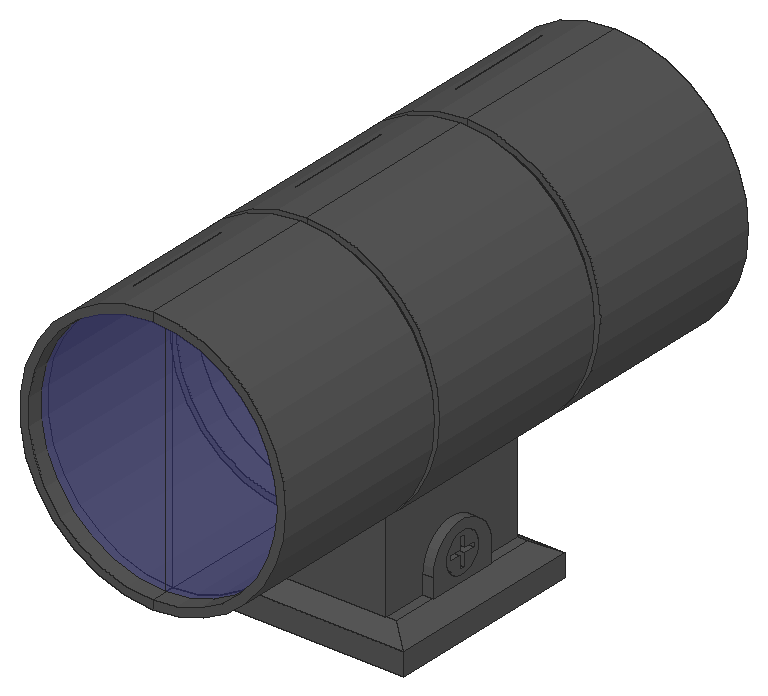
Revit family "CARLO CYLINDER LIGHT WALL MOUNT", category Lighting Fixtures, host Face, Revit 2020 (continued)
Types (10): name | Wattage_Input | Wattage Comments | Wattage | Photometric Web File | built-in parameter 1150142 | Model | built-in parameter 1150105 | Lumens | Light Length 1 | LIGHT RADIUS | LIGHT PLACEMENT | LIGHT LENGTH | LIGHT DIA | built-in parameter 1150106 | FIXED END HEIGHT | Curve base Height | Base Curve | BEAMING ANGLE | Apparent Load
    .98 231.33 212.85 193.97 173.94 153.38 132.36 \r\n 111.76 92.266 74.517 59.481 46.821 36.422 28.579 24.075 21.323 18.965 \r\n 17.103 15.344 13.807 12.455 11.358 10.65 10.114 9.553 9.0433 8.602 \r\n 8.2069 7.8417 7.5049 7.1907 6.8949 6.6086 6.341 6.1044 5.8805 5.6513 \r\n 5.4275 5.2167 5.0104 4.7993 4.5927 4.4 4.2103 4.0098 3.8168 3.6528 \r\n 3.4952 3.3226 3.1526 2.9987 2.8522 2.7081 2.5683 2.4327 2.3021 2.1792 \r\n 2.0592 1.9362 1.8168 1.7075 1.602 1.4931 1.39 1.3022 1.2227 1.1484 \r\n 1.0772 1.0052 0.93548 0.87554 0.82219 0.77722 0.73325 0.68107 0.62806 0.57732 \r\n 0.53249 0.5025 0.47459 0.43645 0.39557 0.35238 0.31573 0.30031 0.28901 0.26683 \r\n 0.2421 0.21756 0.19489 0.17908 0.16298 0.13827 0.11344 0.095753 0.080593 0.067075 \r\n 0.051276 0.023907 0.00017962 0 0 0 0 0 0 0 \r\n 0 0 0 0 0 0 0 0 0.000078 0.0017317 \r\n 0.0065854 0.017286 0.032265 0.051387 0.072991 0.096239 0.11853 0.13632 0.15164 0.16275 \r\n 0.17744 0.20738 0.23918 0.25935 0.27986 0.31016 0.34429 0.37897 0.41564 0.45443 \r\n 0.49609 0.54173 0.59039 0.64254 0.69504 0.74355 0.79208 0.84106 0.89686 0.97075 \r\n 1.0485 1.1166 1.1839 1.2536 1.3294 1.4193 1.515 1.6087 1.7066 1.8122 \r\n 1.9249 2.0431 2.1734 2.3315 2.4891 2.6115 2.7333 2.8829 3.0433 3.2062 \r\n 3.3735 3.5424 3.718 3.9067 4.1005 4.2897 4.4858 4.7016 4.9234 5.1401 \r\n 5.3571 5.5705 5.7963 6.057 6.3298 6.5916 6.8661 7.1732 7.5008 7.8409 \r\n 8.2015 8.5859 8.9994 9.4314 9.9328 10.518 11.286 12.363 13.677 15.196 \r\n 16.929 18.585 21.037 24.78 30.659 40.111 51.857 64.895 79.842 97.328 \r\n 116.31 136.05 156.3 176.66 196.88 216.25 235.78 256.94 277.58 296.18 \r\n 312.4 324.82 335.22 344.91 353.92 362.78 371.28 379.26 387.11 395.28 \r\n 403.44 411.35 419.3 427.55 435.94 444.26 452.87 462.24 471.9 481.5 \r\n 491.17 500.63 510.77 522.68 535.44 548.65 561.85 574.33 586.41 598.09 \r\n 609.62 621.44 633.02 643.78 654.31 665.15 675.89 686.37 696.33 705.15 \r\n 713.66 722.78 731.7 739.76 747.53 755.58 763.28 770.07 776.35 782.26 \r\n 788.1 794.39 800.54 806.09 811.2 815.83 820.1 824.13 827.89 831.45 \r\n 834.66 837.27 839.62 842.01 844.21 846.11 847.72 849.02 850.01 850.67 \r\n 849.27 \r\n2.1273 850.87 850.42 849.71 848.6 846.87 844.75 842.34 839.75 837.21 \r\n 834.45 831.35 827.74 823.32 818.36 813 807.38 801.73 796.04 790.53 \r\n 784.69 777.89 770.71 763.42 756.25 749.84 743.2 735.18 726.85 719.18 \r\n 711.28 702.49 693.2 683.55 673.76 664.27 654.52 643.93 632.99 622.16 \r\n 610.97 598.94 586.59 574.41 562.03 549.05 536.06 523.4 511.43 500.91 \r\n 491.03 481.2 471.56 461.91 452.67 444.43 436.47 428.15 419.82 411.65 \r\n 403.61 395.81 388.06 380.3 372.27 363.65 354.6 345.53 335.3 322.94 \r\n 308.37 290.58 271.45 252.68 233.8 215.08 195.98 175.89 155.36 134.52 \r\n 114.12 94.758 76.99 61.582 48.471 37.802 29.716 24.89 21.857 19.371 \r\n 17.441 15.615 14.023 12.625 11.486 10.722 10.142 9.582 9.0843 8.6405 \r\n 8.238 7.8594 7.5102 7.1938 6.8988 6.6116 6.3419 6.101 5.8719 5.6375 \r\n 5.4096 5.1979 4.9913 4.7781 4.5701 4.3801 4.1933 3.9929 3.799 3.6338 \r\n 3.4752 3.3039 3.1344 2.9756 2.8254 2.6871 2.5537 2.4174 2.2839 2.1579 \r\n 2.0349 1.9097 1.7891 1.6806 1.5775 1.4735 1.3755 1.2901 1.2116 1.1362 \r\n 1.0642 0.99442 0.92726 0.86661 0.81175 0.76601 0.72127 0.66781 0.61382 0.56359 \r\n 0.51911 0.48731 0.45772 0.42027 0.38069 0.33863 0.3022 0.28419 0.27024 0.24802 \r\n 0.22429 0.20129 0.1802 0.1655 0.14948 0.1224 0.094852 0.075576 0.060359 0.049508 \r\n 0.038195 0.017712 0.000000 0 0 0 0 0 0 0 \r\n 0 0 0 0 0 0 0 0 0.00024866 0.0087989 \r\n 0.020918 0.033951 0.049718 0.070176 0.092257 0.11366 0.13403 0.15195 0.16832 0.18155 \r\n 0.19771 0.22584 0.25545 0.27555 0.29666 0.32775 0.36242 0.39642 0.43229 0.4713 \r\n 0.51302 0.55732 0.60471 0.65696 0.7101 0.75946 0.80895 0.85884 0.91531 0.98933 \r\n 1.0667 1.1338 1.2002 1.2712 1.3491 1.4412 1.5386 1.6325 1.7307 1.8385 \r\n 1.9536 2.0733 2.2033 2.3564 2.5096 2.6351 2.7606 2.9085 3.0669 3.2319 \r\n 3.4017 3.5713 3.7462 3.9325 4.1241 4.3142 4.511 4.7238 4.9427 5.1604 \r\n 5.3786 5.5911 5.8151 6.0723 6.3425 6.6061 6.8837 7.1943 7.5238 7.8606 \r\n 8.217 8.5993 9.0132 9.4514 9.9583 10.541 11.304 12.378 13.688 15.199 \r\n 16.927 18.581 21.051 24.902 30.818 39.977 51.467 64.686 79.88 97.412 \r\n 116.33 135.84 155.83 176.02 196.16 215.63 235.24 256.22 276.71 295.49 \r\n 311.86 323.98 334.05 343.74 352.82 361.63 370.11 378.21 386.22 394.45 \r\n 402.71 410.9 419.12 427.41 435.79 444.23 452.9 462.05 471.46 480.99 \r\n 490.73 500.53 511.01 522.95 535.67 548.91 562.13 574.53 586.57 598.43 \r\n 610.13 621.88 633.34 644.08 654.61 665.4 676.09 686.56 696.54 705.47 \r\n 714.09 723.19 732.11 740.33 748.23 756.16 763.73 770.56 776.93 782.87 \r\n 788.68 794.79 800.73 806.07 811.04 815.72 820.09 824.19 827.98 831.46 \r\n 834.57 837.2 839.57 841.99 844.21 846.09 847.66 848.88 849.8 850.51 \r\n 849.27 \r\n2.1273 850.83 850.4 849.73 848.64 846.86 844.72 842.49 840.05 837.37 \r\n 834.43 831.31 827.72 823.31 818.35 812.92 807.23 801.55 795.84 790.31 \r\n 784.52 777.99 771.05 763.73 756.48 750.15 743.62 735.74 727.51 719.8 \r\n 711.85 703.08 693.84 684.28 674.52 664.9 655.04 644.58 633.83 623.06 \r\n 611.9 599.86 587.52 575.42 563.13 550.23 537.29 524.57 512.59 502.3 \r\n 492.69 482.97 473.37 463.69 454.4 446.12 438.17 429.97 421.78 413.68 \r\n 405.69 397.96 390.27 382.53 374.52 365.95 356.95 347.93 337.78 325.51 \r\n 311.11 293.66 274.77 255.85 236.67 217.61 198.22 178.03 157.56 136.98 \r\n 116.87 97.716 79.959 64.106 50.44 39.422 31.024 25.819 22.462 19.836 \r\n 17.835 15.93 14.274 12.825 11.64 10.811 10.181 9.623 9.1397 8.6921 \r\n 8.2802 7.8873 7.5251 7.2061 6.9111 6.6219 6.3491 6.1018 5.8658 5.626 \r\n 5.3939 5.1808 4.9734 4.7571 4.5471 4.3596 4.1761 3.9762 3.7818 3.6147 \r\n 3.4545 3.2843 3.1153 2.9509 2.7967 2.6651 2.539 2.4021 2.2653 2.1355 \r\n 2.0089 1.8819 1.7608 1.6526 1.5514 1.4525 1.3598 1.2771 1.1998 1.1235 \r\n 1.0507 0.98276 0.91791 0.85666 0.80044 0.75374 0.70804 0.65344 0.59858 0.54858 \r\n 0.5041 0.47026 0.43884 0.40201 0.36378 0.32322 0.28732 0.26655 0.24959 0.22671 \r\n 0.20357 0.18253 0.16364 0.15051 0.13476 0.10478 0.073856 0.052731 0.037476 0.029695 \r\n 0.023521 0.010888 0 0 0 0 0 0 0 0 \r\n 0 0 0 0 0 0 0 0 0.00041888 0.015923 \r\n 0.035251 0.050151 0.066256 0.087956 0.11073 0.13113 0.15029 0.16799 0.18488 0.20022 \r\n 0.21798 0.24446 0.27198 0.29181 0.31333 0.34538 0.3808 0.41411 0.44907 0.48804 \r\n 0.52969 0.57298 0.6194 0.67152 0.72503 0.77525 0.8258 0.87673 0.93401 1.0083 \r\n 1.0855 1.1514 1.217 1.2896 1.37 1.4643 1.5638 1.6588 1.758 1.8682 \r\n 1.9855 2.107 2.237 2.384 2.5319 2.6607 2.7904 2.9366 3.0931 3.2607 \r\n 3.4336 3.6039 3.7782 3.9616 4.1504 4.3416 4.5393 4.7491 4.9651 5.1838 \r\n 5.4035 5.6154 5.8378 6.0914 6.3594 6.6263 6.9087 7.223 7.5545 7.8884 \r\n 8.2415 8.6235 9.0395 9.4845 9.9978 10.581 11.343 12.417 13.727 15.235 \r\n 16.964 18.623 21.119 25.089 31.055 39.92 51.173 64.677 80.212 97.774 \r\n 116.58 135.82 155.53 175.55 195.62 215.23 234.95 255.69 275.93 294.8 \r\n 311.25 323.1 332.88 342.59 351.74 360.49 368.94 377.19 385.37 393.67 \r\n 402.05 410.56 419.08 427.43 435.82 444.38 453.12 462.05 471.24 480.7 \r\n 490.53 500.69 511.53 523.53 536.22 549.47 562.68 574.98 586.96 599.02 \r\n 610.91 622.56 633.86 644.59 655.11 665.83 676.43 686.84 696.81 705.88 \r\n 714.65 723.71 732.6 740.99 749.03 756.81 764.21 771.1 777.56 783.56 \r\n 789.33 795.23 800.91 806.04 810.88 815.62 820.12 824.29 828.1 831.5 \r\n 834.53 837.16 839.57 842.01 844.26 846.12 847.65 848.77 849.63 850.37 \r\n 849.27 \r\n2.1273 850.81 850.39 849.76 848.7 846.88 844.72 842.66 840.36 837.53 \r\n 834.41 831.27 827.7 823.33 818.38 812.87 807.1 801.39 795.67 790.12 \r\n 784.38 778.13 771.45 764.1 756.77 750.48 744.04 736.31 728.19 720.43 \r\n 712.42 703.66 694.48 685.02 675.32 665.56 655.58 645.27 634.69 623.99 \r\n 612.84 600.82 588.49 576.47 564.27 551.45 538.57 525.8 513.81 503.75 \r\n 494.38 484.77 475.21 465.51 456.18 447.84 439.87 431.79 423.75 415.7 \r\n 407.75 400.08 392.43 384.7 376.7 368.18 359.25 350.28 340.2 328.07 \r\n 313.87 296.8 278.19 259.1 239.57 220.13 200.43 180.14 159.74 139.46 \r\n 119.7 100.79 83.067 66.775 52.543 41.136 32.382 26.776 23.086 20.321 \r\n 18.252 16.263 14.537 13.037 11.805 10.911 10.23 9.6724 9.203 8.7506 \r\n 8.3289 7.9229 7.5488 7.2264 6.9305 6.6388 6.3621 6.1076 5.864 5.6188 \r\n 5.3831 5.1686 4.9601 4.7402 4.5275 4.3422 4.1618 3.963 3.7684 3.599 \r\n 3.4366 3.2675 3.0989 2.9291 2.7711 2.6459 2.527 2.3897 2.2498 2.1158 \r\n 1.9854 1.8574 1.7364 1.6282 1.5283 1.4338 1.3458 1.2658 1.1899 1.1129 \r\n 1.0392 0.97254 0.90948 0.84778 0.79048 0.74275 0.69602 0.64053 0.58499 0.53496 \r\n 0.49017 0.45432 0.42116 0.38481 0.34782 0.30888 0.27368 0.25031 0.23035 0.20647 \r\n 0.18356 0.16451 0.14797 0.13657 0.12124 0.088428 0.054188 0.031287 0.016004 0.011187 \r\n 0.0099057 0.0045717 0.000000 0 0 0 0 0 0 0 \r\n 0 0 0 0 0 0 0 0 0.00056737 0.022169 \r\n 0.047724 0.063871 0.079917 0.10267 0.12626 0.1465 0.16519 0.18228 0.1991 0.21642 \r\n 0.23584 0.26092 0.28654 0.3059 0.32763 0.36083 0.3972 0.42974 0.46364 0.50244 \r\n 0.54401 0.58673 0.63256 0.68431 0.73782 0.78883 0.84046 0.8925 0.95068 1.0253 \r\n 1.1024 1.1673 1.2322 1.3065 1.3894 1.4857 1.587 1.6836 1.7844 1.8964 \r\n 2.0154 2.1391 2.2693 2.4101 2.5524 2.6843 2.8183 2.9631 3.1179 3.2883 \r\n 3.4643 3.6354 3.809 3.9893 4.1754 4.3675 4.5664 4.7736 4.987 5.2063 \r\n 5.4272 5.6391 5.8605 6.1109 6.3772 6.6484 6.9365 7.2546 7.5882 7.9203 \r\n 8.2713 8.6547 9.074 9.5249 10.045 10.634 11.401 12.479 13.794 15.305 \r\n 17.043 18.714 21.248 25.358 31.407 40.045 51.132 64.98 80.891 98.467 \r\n 117.13 136.12 155.56 175.44 195.46 215.22 235.03 255.49 275.42 294.26 \r\n 310.71 322.32 331.88 341.6 350.81 359.51 367.94 376.34 384.71 393.1 \r\n 401.59 410.41 419.23 427.67 436.09 444.78 453.58 462.35 471.34 480.78 \r\n 490.7 501.19 512.35 524.43 537.11 550.36 563.53 575.71 587.62 599.88 \r\n 611.95 623.47 634.61 645.31 655.83 666.46 676.97 687.26 697.19 706.42 \r\n 715.36 724.38 733.23 741.78 749.95 757.55 764.76 771.7 778.27 784.31 \r\n 790.05 795.71 801.1 806.03 810.76 815.56 820.17 824.41 828.25 831.57 \r\n 834.52 837.15 839.59 842.07 844.32 846.18 847.67 848.7 849.49 850.26 \r\n 849.27 \r\n2.1273 850.81 850.4 849.81 848.78 846.92 844.75 842.83 840.63 837.66 \r\n 834.37 831.21 827.67 823.35 818.44 812.85 806.98 801.22 795.5 789.94 \r\n 784.27 778.26 771.81 764.45 757.05 750.77 744.38 736.78 728.78 720.98 \r\n 712.9 704.17 695.05 685.68 676.05 666.17 656.09 645.9 635.49 624.82 \r\n 613.7 601.69 589.4 577.45 565.34 552.59 539.75 526.95 514.97 505.09 \r\n 495.91 486.38 476.84 467.16 457.81 449.4 441.38 433.41 425.51 417.5 \r\n 409.57 401.92 394.29 386.54 378.54 370.08 361.22 352.29 342.28 330.32 \r\n 316.35 299.64 281.28 262 242.13 222.33 202.33 181.96 161.63 141.68 \r\n 122.28 103.62 85.956 69.315 54.598 42.797 33.668 27.679 23.679 20.786 \r\n 18.659 16.588 14.791 13.243 11.967 11.013 10.284 9.7264 9.2679 8.81 \r\n 8.3793 7.9632 7.5801 7.2538 6.9556 6.6612 6.3808 6.119 5.8681 5.6185 \r\n 5.3799 5.1644 4.9549 4.731 4.515 4.3315 4.154 3.9565 3.762 3.5902 \r\n 3.4254 3.257 3.0887 2.9146 2.7534 2.6334 2.5204 2.383 2.2407 2.1026 \r\n 1.9685 1.8405 1.7205 1.612 1.5125 1.4219 1.3364 1.2588 1.1841 1.1066 \r\n 1.0321 0.96606 0.90399 0.84204 0.78407 0.73538 0.6877 0.63165 0.5757 0.52537 \r\n 0.48003 0.44249 0.4079 0.37181 0.33576 0.29833 0.26389 0.23835 0.21581 0.19085 \r\n 0.1679 0.15046 0.13594 0.12612 0.11133 0.07639 0.039581 0.015306 0 0 \r\n 0 0 0 0 0 0 0 0 0 0 \r\n 0 0 0 0 0 0 0 0 0.00067145 0.026601 \r\n 0.056479 0.073097 0.088737 0.11225 0.13672 0.15765 0.1766 0.19266 0.20874 0.22783 \r\n 0.2489 0.27288 0.2969 0.31561 0.33733 0.37186 0.40937 0.44101 0.47367 0.51229 \r\n 0.55391 0.59659 0.64227 0.69337 0.74646 0.79809 0.85074 0.90391 0.96305 1.038 \r\n 1.1151 1.1793 1.2436 1.3195 1.4044 1.5021 1.6047 1.7031 1.8055 1.9183 \r\n 2.0382 2.164 2.2948 2.43 2.5673 2.7022 2.8401 2.9838 3.1373 3.3102 \r\n 3.4889 3.6607 3.8337 4.0112 4.1947 4.3877 4.5877 4.7932 5.0047 5.224 \r\n 5.4454 5.6577 5.8791 6.1274 6.3927 6.6688 6.9628 7.2845 7.6203 7.9522 \r\n 8.3031 8.6889 9.112 9.5671 10.094 10.695 11.475 12.563 13.889 15.412 \r\n 17.169 18.858 21.446 25.722 31.913 40.456 51.5 65.706 81.975 99.547 \r\n 118.06 136.85 156.1 175.87 195.87 215.75 235.63 255.79 275.35 294.04 \r\n 310.36 321.78 331.19 340.92 350.17 358.84 367.27 375.81 384.35 392.84 \r\n 401.46 410.55 419.63 428.17 436.65 445.46 454.34 463.01 471.9 481.34 \r\n 491.35 502.09 513.51 525.67 538.35 551.6 564.72 576.76 588.59 601 \r\n 613.22 624.62 635.6 646.27 656.77 667.33 677.74 687.9 697.75 707.14 \r\n 716.25 725.23 734.02 742.71 750.99 758.42 765.43 772.42 779.07 785.13 \r\n 790.8 796.21 801.32 806.08 810.72 815.57 820.27 824.55 828.41 831.67 \r\n 834.56 837.19 839.65 842.13 844.39 846.24 847.71 848.67 849.4 850.2 \r\n 849.27 \r\n2.1273 850.84 850.41 849.85 848.87 847.04 844.87 842.87 840.57 837.5 \r\n 834.15 831.03 827.57 823.32 818.43 812.68 806.64 800.84 795.13 789.66 \r\n 784.07 778.1 771.66 764.29 756.86 750.45 743.96 736.44 728.54 720.74 \r\n 712.65 703.99 694.95 685.59 675.97 666.13 656.09 645.93 635.5 624.77 \r\n 613.59 601.66 589.45 577.5 565.36 552.59 539.76 527.07 515.18 505.2 \r\n 495.89 486.28 476.74 467.28 458.11 449.53 441.3 433.39 425.58 417.54 \r\n 409.54 401.82 394.12 386.29 378.23 369.78 360.96 352.01 342.04 330.31 \r\n 316.53 299.76 281.26 261.84 241.85 221.95 201.93 181.63 161.46 141.73 \r\n 122.54 103.96 86.39 70.038 55.523 43.501 34.066 27.956 23.896 20.98 \r\n 18.841 16.729 14.892 13.321 12.031 11.067 10.331 9.7628 9.2959 8.8339 \r\n 8.4034 7.996 7.6206 7.2894 6.9841 6.6889 6.4088 6.1451 5.8926 5.6436 \r\n 5.4066 5.1937 4.9856 4.757 4.5364 4.3535 4.1781 3.9821 3.7882 3.6143 \r\n 3.4472 3.2785 3.1111 2.9392 2.7795 2.6567 2.5409 2.4057 2.2657 2.125 \r\n 1.9888 1.8651 1.7495 1.6406 1.5383 1.442 1.3532 1.2756 1.2019 1.1241 \r\n 1.0486 0.98036 0.91634 0.85499 0.79817 0.74974 0.70224 0.64696 0.59146 0.54011 \r\n 0.49376 0.45687 0.42295 0.38601 0.34905 0.31191 0.27808 0.25293 0.23065 0.20588 \r\n 0.18273 0.164 0.14825 0.13813 0.12412 0.092252 0.058566 0.035458 0.019854 0.015313 \r\n 0.014317 0.0090415 0.0039672 0.0013563 0.000035 0 0 0 0 0 \r\n 0 0 0 0 0 0 0 0 0.00054336 0.021392 \r\n 0.045733 0.059732 0.074196 0.097612 0.1231 0.14695 0.16811 0.18191 0.19537 0.21527 \r\n 0.23762 0.26134 0.28455 0.30179 0.32273 0.35963 0.39924 0.4288 0.45902 0.49792 \r\n 0.54084 0.58568 0.63281 0.68206 0.73289 0.78429 0.83753 0.89198 0.95241 1.0278 \r\n 1.105 1.1695 1.2342 1.31 1.394 1.4893 1.5896 1.6881 1.7901 1.8982 \r\n 2.0139 2.1413 2.2747 2.4096 2.5465 2.6832 2.823 2.9672 3.1207 3.2934 \r\n 3.472 3.6438 3.8167 3.9934 4.1761 4.3692 4.5699 4.7777 4.9906 5.2065 \r\n 5.4249 5.6395 5.8648 6.116 6.3844 6.6639 6.9616 7.2863 7.6262 7.9657 \r\n 8.3238 8.7132 9.1376 9.5855 10.115 10.753 11.579 12.698 14.055 15.619 \r\n 17.426 19.151 21.854 26.434 33.048 42.176 53.733 68.085 84.35 101.85 \r\n 120.33 139.28 158.73 178.65 198.73 218.6 238.36 258.26 277.43 295.46 \r\n 311.22 322.6 332.12 341.78 350.99 359.7 368.21 376.84 385.49 394.11 \r\n 402.83 411.91 420.99 429.67 438.32 447.22 456.22 465.15 474.28 483.86 \r\n 493.9 504.47 515.7 527.9 540.65 553.84 566.86 578.82 590.56 602.85 \r\n 614.97 626.38 637.37 647.98 658.41 668.97 679.37 689.42 699.19 708.61 \r\n 717.77 726.76 735.54 744.23 752.48 759.81 766.72 773.66 780.26 786.19 \r\n 791.69 796.85 801.75 806.49 811.14 815.92 820.53 824.79 828.63 831.88 \r\n 834.74 837.32 839.72 842.15 844.38 846.25 847.75 848.7 849.44 850.27 \r\n 849.27 \r\n2.1273 850.89 850.42 849.89 848.95 847.17 845.01 842.89 840.45 837.31 \r\n 833.92 830.86 827.47 823.31 818.43 812.53 806.31 800.47 794.78 789.4 \r\n 783.9 777.93 771.46 764.1 756.65 750.09 743.48 736.01 728.21 720.41 \r\n 712.33 703.74 694.77 685.42 675.81 666.05 656.08 645.91 635.45 624.63 \r\n 613.4 601.55 589.44 577.48 565.3 552.49 539.66 527.11 515.32 505.18 \r\n 495.68 485.96 476.42 467.19 458.23 449.46 441.01 433.14 425.4 417.32 \r\n 409.23 401.42 393.63 385.7 377.56 369.12 360.32 351.35 341.41 329.92 \r\n 316.35 299.48 280.8 261.27 241.18 221.25 201.24 181.02 160.99 141.46 \r\n 122.47 103.95 86.477 70.516 56.311 44.096 34.365 28.162 24.069 21.144 \r\n 19.003 16.855 14.979 13.389 12.088 11.121 10.382 9.8018 9.3227 8.8563 \r\n 8.4271 8.0311 7.6658 7.3293 7.0161 6.7202 6.4407 6.1758 5.9225 5.675 \r\n 5.4402 5.2303 5.0235 4.7908 4.5655 4.3826 4.2086 4.0139 3.8208 3.6449 \r\n 3.4755 3.3065 3.1398 2.9712 2.8137 2.6865 2.56
